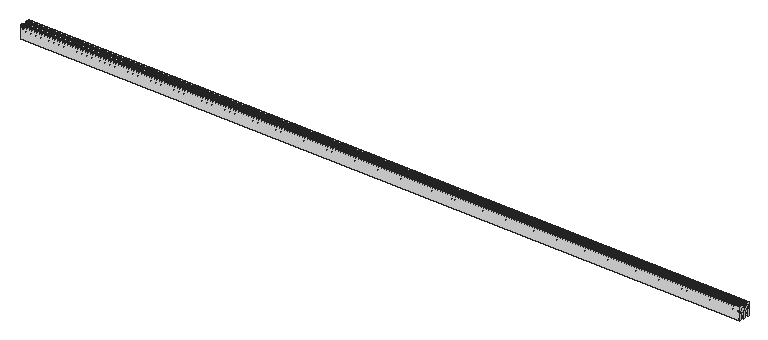
Revit family "BUS09S", category Electrical Fixtures, host Ceiling, Revit 2018
Family settings
  Host = Ceiling
  Maintain Annotation Orientation = No
  Round Connector Dimension = Use Diameter
  Part Type = Normal
  Always vertical = Yes
  Cut with Voids When Loaded = No
  Shared = No
  Room Calculation Point = No
Parameters (values of type "BUS-09S1AXX1-12FEET-NT BRUSHED ALUMINIUM")
  Support Height = 1' - 0"
  MATERIAL = NT ALUMINIUM
  Hangers = no
  Hanger Distance = Busrun Length - 2' 0"  # 10' - 0"
  Busrun Length = 12' - 0"
  6D = no
  6A = no
  4K = no
  4B = no
  3D = no
  2D = no
  2A = no
  1A = yes
Reference planes (in)
  plane 1 "Center (Front/Back)": y = 0
  plane 2: z = 0
  plane 3 "Center (Left/Right)": x = 0
  plane 4 "Ceiling": z = 157.48031
  plane 5: x = -72
  plane 6: x = 72
  plane 7: x = -60
  plane 8: x = 60
  plane 9: z = 157.04281
  plane 10: z = 159.98976
  plane 11: z = 171.98976
Dimensions and locks (in)
  equal spacing: host sketch curve, plane 3 "Center (Left/Right)", host sketch curve
  equal spacing: host sketch curve, plane 1 "Center (Front/Back)", host sketch curve
  host sketch curve to host sketch curve = 13' - 1.48031"  (x2)
  plane 4 "Ceiling" to host ceiling = 0' - 0"
  equal spacing: plane 5, plane 3 "Center (Left/Right)", plane 6
  plane 5 to plane 6 = 12' - 0"
  "Busrun Length": plane 5 to plane 6
  equal spacing: plane 7, plane 3 "Center (Left/Right)", plane 8
  "Hanger Distance": plane 7 to plane 8
  plane 9 to plane 4 "Ceiling" = 0' - 0 7/16"
  "Support Height": plane 10 to plane 11
  aligned and locked: nested 1 to plane 1 "Center (Front/Back)"
  aligned and locked: plane 3 "Center (Left/Right)" to nested 1
  aligned and locked: nested 1 to plane 6
  aligned and locked: nested 1 to plane 5
  aligned and locked: nested 1 to plane 9
  aligned and locked: plane 10 to nested 2
  aligned and locked: plane 11 to nested 2
  aligned and locked: nested 4 to plane 11
  aligned and locked: plane 10 to nested 4
  aligned and locked: nested 5 to nested 1
Nested families (in)
  nested 1: "BUS09S-BUSRUN" at (0, 0, 154.65081), type "BUS09S"
  nested 2: "Support 02" at (60, 0, 159.98976), visible <- "Hangers", type "Support 02"
    with Support Height 1' - 0"
  nested 3: "Support 01" at (60, 0, 156.86881), visible <- "Hangers", type "Support 01"
  nested 4: "Support 02" at (-60, 0, 159.98976), visible <- "Hangers", type "Support 02"
    with Support Height 1' - 0"
  nested 5: "Support 01" at (-60, 0, 156.86881), visible <- "Hangers", type "Support 01"
Definition of nested family "BUS09S-BUSRUN"
  Parameters (values of type "BUS09S")
    Busrun Material = none
    Busrun Length = 12' - 0"
    6D = no
    6A = no
    4K = no
    4B = no
    3D = no
    2D = no
    2A = no
    1A = yes
  Reference planes (in)
    plane 1 "Center (Front/Back)": y = 0
    plane 2: z = 0
    plane 3 "Center (Left/Right)": x = 0
    plane 4: x = -72
    plane 5: x = 72
  Forms (in)
    Extrusion 1, solid, material <- "Busrun Material"
      sketch origin (0, 0, -0.12511) x (0, 1, 0) y (0, 0, 1)
        loop
          line (0.43605, 2.20511) -> (-0.43995, 2.20511) -> (-0.43995, 2.45511) -> (-0.33695, 2.45511) -> (-0.33695, 2.51711) -> (-0.53995, 2.51711) -> (-0.53995, 2.20511) -> (-0.93995, 2.20511) -> (-0.93995, 2.45511) -> (-0.83695, 2.45511) -> (-0.83695, 2.51711) -> (-1.03995, 2.51711) -> (-1.03995, 0.12511) -> (-0.89195, 0.12511) -> (-0.89195, 0.45211) -> (-0.93995, 0.44791) -> (-0.93995, 0.52311) -> (-0.89195, 0.62111) -> (-0.89195, 1.47511) -> (-0.93995, 1.47511) -> (-0.93995, 1.98011) -> (-0.89195, 1.98011) -> (-0.85695, 2.10511) -> (-0.14695, 2.10511) -> (-0.11195, 1.98011) -> (-0.06395, 1.98011) -> (-0.06395, 1.47511) -> (-0.11195, 1.47511) -> (-0.11195, 0.62111) -> (-0.06395, 0.52311) -> (-0.06395, 0.44791) -> (-0.11195, 0.45211) -> (-0.11195, 0.12511) -> (0.10805, 0.12511) -> (0.10805, 0.45211) -> (0.06005, 0.44791) -> (0.06005, 0.52311) -> (0.10805, 0.62111) -> (0.10805, 1.47511) -> (0.06005, 1.47511) -> (0.06005, 1.98011) -> (0.10805, 1.98011) -> (0.14305, 2.10511) -> (0.85305, 2.10511) -> (0.88805, 1.98011) -> (0.93605, 1.98011) -> (0.93605, 1.47511) -> (0.88805, 1.47511) -> (0.88805, 0.62111) -> (0.93605, 0.52311) -> (0.93605, 0.44791) -> (0.88805, 0.45211) -> (0.88805, 0.12511) -> (1.03605, 0.12511) -> (1.03605, 2.51711) -> (0.83305, 2.51711) -> (0.83305, 2.45511) -> (0.93605, 2.45511) -> (0.93605, 2.20511) -> (0.53605, 2.20511) -> (0.53605, 2.51711) -> (0.33305, 2.51711) -> (0.33305, 2.45511) -> (0.43605, 2.45511) -> (0.43605, 2.20511)
      from -72 to 72
    Extrusion 2, solid, material <- "Busrun Material", visible <- "2A"
      sketch origin (0, -0.50195, 2.392) x (0, 1, 0) y (0, 0, 1)
        loop
          line (0.433, -0.873) -> (0.37958, -0.78047) -> (0.37958, -0.521)
          arc (0.37958, -0.521) -> (0.34765, -0.44393) -> (0.27058, -0.412) r 0.109
          line (0.27058, -0.412) -> (0.20258, -0.412)
          arc (0.20258, -0.412) -> (0.15595, -0.42248) -> (0.11829, -0.45189) r 0.109
          arc (0.11829, -0.45189) -> (0.08063, -0.42248) -> (0.034, -0.412) r 0.109
          line (0.034, -0.412) -> (-0.034, -0.412)
          arc (-0.034, -0.412) -> (-0.08063, -0.42248) -> (-0.11829, -0.45189) r 0.109
          arc (-0.11829, -0.45189) -> (-0.15595, -0.42248) -> (-0.20258, -0.412) r 0.109
          line (-0.20258, -0.412) -> (-0.27058, -0.412)
          arc (-0.27058, -0.412) -> (-0.34765, -0.44393) -> (-0.37958, -0.521) r 0.109
          line (-0.37958, -0.521) -> (-0.37958, -0.78047) -> (-0.433, -0.873) -> (-0.433, -1.025) -> (-0.39, -1.025) -> (-0.39, -0.929) -> (-0.32511, -0.929) -> (-0.35061, -1.035) -> (-0.29301, -1.035) -> (-0.25923, -0.89459)
          arc (-0.25923, -0.89459) -> (-0.2625, -0.87967) -> (-0.27624, -0.873) r 0.0175
          line (-0.27624, -0.873) -> (-0.32058, -0.873) -> (-0.32058, -0.521)
          arc (-0.32058, -0.521) -> (-0.30593, -0.48564) -> (-0.27058, -0.471) r 0.05
          line (-0.27058, -0.471) -> (-0.20258, -0.471)
          arc (-0.20258, -0.471) -> (-0.16722, -0.48564) -> (-0.15258, -0.521) r 0.05
          line (-0.15258, -0.521) -> (-0.15258, -0.873) -> (-0.19691, -0.873)
          arc (-0.19691, -0.873) -> (-0.21066, -0.87967) -> (-0.21393, -0.89459) r 0.0175
          line (-0.21393, -0.89459) -> (-0.18105, -1.03125) -> (-0.1495, -1.03125) -> (-0.1355, -0.97303)
          arc (-0.1355, -0.97303) -> (-0.11829, -0.91845) -> (-0.10108, -0.97303) r 0.03
          line (-0.10108, -0.97303) -> (-0.08707, -1.03125) -> (-0.05553, -1.03125) -> (-0.02265, -0.89459)
          arc (-0.02265, -0.89459) -> (-0.02592, -0.87967) -> (-0.03967, -0.873) r 0.0175
          line (-0.03967, -0.873) -> (-0.084, -0.873) -> (-0.084, -0.521)
          arc (-0.084, -0.521) -> (-0.06936, -0.48564) -> (-0.034, -0.471) r 0.05
          line (-0.034, -0.471) -> (0.034, -0.471)
          arc (0.034, -0.471) -> (0.06936, -0.48564) -> (0.084, -0.521) r 0.05
          line (0.084, -0.521) -> (0.084, -0.873) -> (0.03967, -0.873)
          arc (0.03967, -0.873) -> (0.02592, -0.87967) -> (0.02265, -0.89459) r 0.0175
          line (0.02265, -0.89459) -> (0.05553, -1.03125) -> (0.08707, -1.03125) -> (0.10108, -0.97303)
          arc (0.10108, -0.97303) -> (0.11829, -0.91845) -> (0.1355, -0.97303) r 0.03
          line (0.1355, -0.97303) -> (0.1495, -1.03125) -> (0.18105, -1.03125) -> (0.21393, -0.89459)
          arc (0.21393, -0.89459) -> (0.21066, -0.87967) -> (0.19691, -0.873) r 0.0175
          line (0.19691, -0.873) -> (0.15258, -0.873) -> (0.15258, -0.521)
          arc (0.15258, -0.521) -> (0.16722, -0.48564) -> (0.20258, -0.471) r 0.05
          line (0.20258, -0.471) -> (0.27058, -0.471)
          arc (0.27058, -0.471) -> (0.30593, -0.48564) -> (0.32058, -0.521) r 0.05
          line (0.32058, -0.521) -> (0.32058, -0.873) -> (0.27624, -0.873)
          arc (0.27624, -0.873) -> (0.2625, -0.87967) -> (0.25923, -0.89459) r 0.0175
          line (0.25923, -0.89459) -> (0.29301, -1.035) -> (0.35061, -1.035) -> (0.3303, -0.95059)
          arc (0.3303, -0.95059) -> (0.33357, -0.93567) -> (0.34732, -0.929) r 0.0175
          line (0.34732, -0.929) -> (0.39, -0.929) -> (0.39, -1.025) -> (0.433, -1.025) -> (0.433, -0.873)
      from -72 to 72
    Extrusion 3, solid, material <- "Busrun Material", visible <- "1A"
      sketch origin (0, -0.50195, 2.392) x (0, 1, 0) y (0, 0, 1)
        loop
          line (0.433, -0.873) -> (0.37958, -0.78047) -> (0.37958, -0.521)
          arc (0.37958, -0.521) -> (0.34765, -0.44393) -> (0.27058, -0.412) r 0.109
          line (0.27058, -0.412) -> (0.20258, -0.412)
          arc (0.20258, -0.412) -> (0.15595, -0.42248) -> (0.11829, -0.45189) r 0.109
          arc (0.11829, -0.45189) -> (0.08063, -0.42248) -> (0.034, -0.412) r 0.109
          line (0.034, -0.412) -> (-0.034, -0.412)
          arc (-0.034, -0.412) -> (-0.08063, -0.42248) -> (-0.11829, -0.45189) r 0.109
          arc (-0.11829, -0.45189) -> (-0.15595, -0.42248) -> (-0.20258, -0.412) r 0.109
          line (-0.20258, -0.412) -> (-0.27058, -0.412)
          arc (-0.27058, -0.412) -> (-0.34765, -0.44393) -> (-0.37958, -0.521) r 0.109
          line (-0.37958, -0.521) -> (-0.37958, -0.5728) -> (-0.32058, -0.5728) -> (-0.32058, -0.521)
          arc (-0.32058, -0.521) -> (-0.30593, -0.48564) -> (-0.27058, -0.471) r 0.05
          line (-0.27058, -0.471) -> (-0.20258, -0.471)
          arc (-0.20258, -0.471) -> (-0.16722, -0.48564) -> (-0.15258, -0.521) r 0.05
          line (-0.15258, -0.521) -> (-0.15258, -0.873) -> (-0.3337, -0.873)
          arc (-0.3337, -0.873) -> (-0.34928, -0.864) -> (-0.34928, -0.846) r 0.018
          line (-0.34928, -0.846) -> (-0.32058, -0.79628) -> (-0.32058, -0.74043) -> (-0.37958, -0.74043) -> (-0.37958, -0.78047) -> (-0.433, -0.873) -> (-0.433, -1.025) -> (-0.39, -1.025) -> (-0.39, -0.929) -> (-0.32511, -0.929) -> (-0.35061, -1.035) -> (-0.29301, -1.035) -> (-0.26751, -0.929) -> (-0.20565, -0.929) -> (-0.18105, -1.03125) -> (-0.1495, -1.03125) -> (-0.1355, -0.97303)
          arc (-0.1355, -0.97303) -> (-0.11829, -0.91845) -> (-0.10108, -0.97303) r 0.03
          line (-0.10108, -0.97303) -> (-0.08707, -1.03125) -> (-0.05553, -1.03125) -> (-0.02265, -0.89459)
          arc (-0.02265, -0.89459) -> (-0.02592, -0.87967) -> (-0.03967, -0.873) r 0.0175
          line (-0.03967, -0.873) -> (-0.084, -0.873) -> (-0.084, -0.521)
          arc (-0.084, -0.521) -> (-0.06936, -0.48564) -> (-0.034, -0.471) r 0.05
          line (-0.034, -0.471) -> (0.034, -0.471)
          arc (0.034, -0.471) -> (0.06936, -0.48564) -> (0.084, -0.521) r 0.05
          line (0.084, -0.521) -> (0.084, -0.873) -> (0.03967, -0.873)
          arc (0.03967, -0.873) -> (0.02592, -0.87967) -> (0.02265, -0.89459) r 0.0175
          line (0.02265, -0.89459) -> (0.05553, -1.03125) -> (0.08707, -1.03125) -> (0.10108, -0.97303)
          arc (0.10108, -0.97303) -> (0.11829, -0.91845) -> (0.1355, -0.97303) r 0.03
          line (0.1355, -0.97303) -> (0.1495, -1.03125) -> (0.18105, -1.03125) -> (0.21393, -0.89459)
          arc (0.21393, -0.89459) -> (0.21066, -0.87967) -> (0.19691, -0.873) r 0.0175
          line (0.19691, -0.873) -> (0.15258, -0.873) -> (0.15258, -0.521)
          arc (0.15258, -0.521) -> (0.16722, -0.48564) -> (0.20258, -0.471) r 0.05
          line (0.20258, -0.471) -> (0.27058, -0.471)
          arc (0.27058, -0.471) -> (0.30593, -0.48564) -> (0.32058, -0.521) r 0.05
          line (0.32058, -0.521) -> (0.32058, -0.873) -> (0.27624, -0.873)
          arc (0.27624, -0.873) -> (0.2625, -0.87967) -> (0.25923, -0.89459) r 0.0175
          line (0.25923, -0.89459) -> (0.29301, -1.035) -> (0.35061, -1.035) -> (0.3303, -0.95059)
          arc (0.3303, -0.95059) -> (0.33357, -0.93567) -> (0.34732, -0.929) r 0.0175
          line (0.34732, -0.929) -> (0.39, -0.929) -> (0.39, -1.025) -> (0.433, -1.025) -> (0.433, -0.873)
      from -72 to 72
    Extrusion 4, solid, material <- "Busrun Material"
      sketch origin (0, -0.50195, 2.392) x (0, 1, 0) y (0, 0, 1)
        loop
          line (-0.39, -0.929) -> (-0.32511, -0.929) -> (-0.35061, -1.035) -> (-0.29301, -1.035) -> (-0.25923, -0.89459)
          arc (-0.25923, -0.89459) -> (-0.2625, -0.87967) -> (-0.27624, -0.873) r 0.0175
          line (-0.27624, -0.873) -> (-0.3337, -0.873)
          arc (-0.3337, -0.873) -> (-0.34928, -0.864) -> (-0.34928, -0.846) r 0.018
          line (-0.34928, -0.846) -> (-0.32058, -0.79628) -> (-0.32058, -0.74043) -> (-0.37958, -0.74043) -> (-0.37958, -0.78047) -> (-0.433, -0.873) -> (-0.433, -1.025) -> (-0.39, -1.025) -> (-0.39, -0.929)
        loop
          line (-0.15258, -0.873) -> (-0.19691, -0.873)
          arc (-0.19691, -0.873) -> (-0.21066, -0.87967) -> (-0.21393, -0.89459) r 0.0175
          line (-0.21393, -0.89459) -> (-0.18105, -1.03125) -> (-0.1495, -1.03125) -> (-0.1355, -0.97303)
          arc (-0.1355, -0.97303) -> (-0.11829, -0.91845) -> (-0.10108, -0.97303) r 0.03
          line (-0.10108, -0.97303) -> (-0.08707, -1.03125) -> (-0.05553, -1.03125) -> (-0.02265, -0.89459)
          arc (-0.02265, -0.89459) -> (-0.02592, -0.87967) -> (-0.03967, -0.873) r 0.0175
          line (-0.03967, -0.873) -> (-0.084, -0.873) -> (-0.084, -0.521)
          arc (-0.084, -0.521) -> (-0.06936, -0.48564) -> (-0.034, -0.471) r 0.05
          line (-0.034, -0.471) -> (0.034, -0.471)
          arc (0.034, -0.471) -> (0.06936, -0.48564) -> (0.084, -0.521) r 0.05
          line (0.084, -0.521) -> (0.084, -0.873) -> (0.03967, -0.873)
          arc (0.03967, -0.873) -> (0.02592, -0.87967) -> (0.02265, -0.89459) r 0.0175
          line (0.02265, -0.89459) -> (0.05553, -1.03125) -> (0.08707, -1.03125) -> (0.10108, -0.97303)
          arc (0.10108, -0.97303) -> (0.11829, -0.91845) -> (0.1355, -0.97303) r 0.03
          line (0.1355, -0.97303) -> (0.1495, -1.03125) -> (0.18105, -1.03125) -> (0.21393, -0.89459)
          arc (0.21393, -0.89459) -> (0.21066, -0.87967) -> (0.19691, -0.873) r 0.0175
          line (0.19691, -0.873) -> (0.15258, -0.873) -> (0.15258, -0.521)
          arc (0.15258, -0.521) -> (0.16722, -0.48564) -> (0.20258, -0.471) r 0.05
          line (0.20258, -0.471) -> (0.27058, -0.471)
          arc (0.27058, -0.471) -> (0.30593, -0.48564) -> (0.32058, -0.521) r 0.05
          line (0.32058, -0.521) -> (0.32058, -0.873) -> (0.27624, -0.873)
          arc (0.27624, -0.873) -> (0.2625, -0.87967) -> (0.25923, -0.89459) r 0.0175
          line (0.25923, -0.89459) -> (0.29301, -1.035) -> (0.35061, -1.035) -> (0.3303, -0.95059)
          arc (0.3303, -0.95059) -> (0.33357, -0.93567) -> (0.34732, -0.929) r 0.0175
          line (0.34732, -0.929) -> (0.39, -0.929) -> (0.39, -1.025) -> (0.433, -1.025) -> (0.433, -0.873) -> (0.37958, -0.78047) -> (0.37958, -0.521)
          arc (0.37958, -0.521) -> (0.34765, -0.44393) -> (0.27058, -0.412) r 0.109
          line (0.27058, -0.412) -> (0.20258, -0.412)
          arc (0.20258, -0.412) -> (0.15595, -0.42248) -> (0.11829, -0.45189) r 0.109
          arc (0.11829, -0.45189) -> (0.08063, -0.42248) -> (0.034, -0.412) r 0.109
          line (0.034, -0.412) -> (-0.034, -0.412)
          arc (-0.034, -0.412) -> (-0.08063, -0.42248) -> (-0.11829, -0.45189) r 0.109
          arc (-0.11829, -0.45189) -> (-0.15595, -0.42248) -> (-0.20258, -0.412) r 0.109
          line (-0.20258, -0.412) -> (-0.27058, -0.412)
          arc (-0.27058, -0.412) -> (-0.34765, -0.44393) -> (-0.37958, -0.521) r 0.109
          line (-0.37958, -0.521) -> (-0.37958, -0.5728) -> (-0.32058, -0.5728) -> (-0.32058, -0.521)
          arc (-0.32058, -0.521) -> (-0.30593, -0.48564) -> (-0.27058, -0.471) r 0.05
          line (-0.27058, -0.471) -> (-0.20258, -0.471)
          arc (-0.20258, -0.471) -> (-0.16722, -0.48564) -> (-0.15258, -0.521) r 0.05
          line (-0.15258, -0.521) -> (-0.15258, -0.873)
      from -72 to 72
    Extrusion 5, solid, material <- "Busrun Material", visible <- "3D"
      sketch origin (0, -0.50195, 2.392) x (0, 1, 0) y (0, 0, 1)
        loop
          line (0.433, -0.87155) -> (0.35383, -0.78192) -> (0.35383, -0.521)
          arc (0.35383, -0.521) -> (0.3219, -0.44393) -> (0.24483, -0.412) r 0.109
          line (0.24483, -0.412) -> (0.17683, -0.412)
          arc (0.17683, -0.412) -> (0.09975, -0.44393) -> (0.06783, -0.521) r 0.109
          arc (0.06783, -0.521) -> (0.05779, -0.53104) -> (0.04775, -0.521) r 0.01004
          arc (0.04775, -0.521) -> (0.01582, -0.44393) -> (-0.06125, -0.412) r 0.109
          line (-0.06125, -0.412) -> (-0.25325, -0.412)
          arc (-0.25325, -0.412) -> (-0.33727, -0.44233) -> (-0.37958, -0.521) r 0.12497
          line (-0.37958, -0.521) -> (-0.37958, -0.5728) -> (-0.32058, -0.5728) -> (-0.32058, -0.521)
          arc (-0.32058, -0.521) -> (-0.28916, -0.48032) -> (-0.23825, -0.47328) r 0.06795
          line (-0.23825, -0.47328) -> (-0.23825, -0.873) -> (-0.3337, -0.873)
          arc (-0.3337, -0.873) -> (-0.34928, -0.864) -> (-0.34928, -0.846) r 0.018
          line (-0.34928, -0.846) -> (-0.32058, -0.79628) -> (-0.32058, -0.74043) -> (-0.37958, -0.74043) -> (-0.37958, -0.78047) -> (-0.433, -0.873) -> (-0.433, -1.025) -> (-0.39, -1.025) -> (-0.39, -0.929) -> (-0.31823, -0.929) -> (-0.29319, -1.03305) -> (-0.26219, -1.03305) -> (-0.24775, -0.97303)
          arc (-0.24775, -0.97303) -> (-0.23054, -0.91845) -> (-0.21333, -0.97303) r 0.03
          line (-0.21333, -0.97303) -> (-0.19842, -1.035) -> (-0.15168, -1.035) -> (-0.11271, -0.873) -> (-0.17925, -0.873) -> (-0.17925, -0.521)
          arc (-0.17925, -0.521) -> (-0.16461, -0.48564) -> (-0.12925, -0.471) r 0.05
          line (-0.12925, -0.471) -> (-0.06125, -0.471)
          arc (-0.06125, -0.471) -> (-0.02589, -0.48564) -> (-0.01125, -0.521) r 0.05
          line (-0.01125, -0.521) -> (-0.01125, -0.873) -> (-0.07779, -0.873) -> (-0.03882, -1.035) -> (0.02567, -1.035) -> (0.04058, -0.97303)
          arc (0.04058, -0.97303) -> (0.05779, -0.91845) -> (0.075, -0.97303) r 0.03
          line (0.075, -0.97303) -> (0.08991, -1.035) -> (0.15439, -1.035) -> (0.18818, -0.89459)
          arc (0.18818, -0.89459) -> (0.18491, -0.87967) -> (0.17116, -0.873) r 0.0175
          line (0.17116, -0.873) -> (0.12683, -0.873) -> (0.12683, -0.521)
          arc (0.12683, -0.521) -> (0.14147, -0.48564) -> (0.17683, -0.471) r 0.05
          line (0.17683, -0.471) -> (0.24483, -0.471)
          arc (0.24483, -0.471) -> (0.28018, -0.48564) -> (0.29483, -0.521) r 0.05
          line (0.29483, -0.521) -> (0.29483, -0.873) -> (0.25049, -0.873)
          arc (0.25049, -0.873) -> (0.23675, -0.87967) -> (0.23348, -0.89459) r 0.0175
          line (0.23348, -0.89459) -> (0.26726, -1.035) -> (0.32486, -1.035) -> (0.30455, -0.95059)
          arc (0.30455, -0.95059) -> (0.30782, -0.93567) -> (0.32157, -0.929) r 0.0175
          line (0.32157, -0.929) -> (0.36425, -0.929) -> (0.36425, -1.025) -> (0.433, -1.025) -> (0.433, -0.87155)
      from -72 to 72
    Extrusion 6, solid, material <- "Busrun Material", visible <- "6A"
      sketch origin (0, -0.50195, 2.392) x (0, 1, 0) y (0, 0, 1)
        loop
          line (0.433, -0.873) -> (0.37958, -0.78047) -> (0.37958, -0.521)
          arc (0.37958, -0.521) -> (0.34765, -0.44393) -> (0.27058, -0.412) r 0.109
          line (0.27058, -0.412) -> (0.20258, -0.412)
          arc (0.20258, -0.412) -> (0.15595, -0.42248) -> (0.11829, -0.45189) r 0.109
          arc (0.11829, -0.45189) -> (0.08063, -0.42248) -> (0.034, -0.412) r 0.109
          line (0.034, -0.412) -> (-0.034, -0.412)
          arc (-0.034, -0.412) -> (-0.08063, -0.42248) -> (-0.11829, -0.45189) r 0.109
          arc (-0.11829, -0.45189) -> (-0.15595, -0.42248) -> (-0.20258, -0.412) r 0.109
          line (-0.20258, -0.412) -> (-0.27058, -0.412)
          arc (-0.27058, -0.412) -> (-0.34765, -0.44393) -> (-0.37958, -0.521) r 0.109
          line (-0.37958, -0.521) -> (-0.37958, -0.78047) -> (-0.433, -0.873) -> (-0.433, -1.025) -> (-0.39, -1.025) -> (-0.39, -0.929) -> (-0.32511, -0.929) -> (-0.35061, -1.035) -> (-0.29301, -1.035) -> (-0.25923, -0.89459)
          arc (-0.25923, -0.89459) -> (-0.2625, -0.87967) -> (-0.27624, -0.873) r 0.0175
          line (-0.27624, -0.873) -> (-0.32058, -0.873) -> (-0.32058, -0.521)
          arc (-0.32058, -0.521) -> (-0.30593, -0.48564) -> (-0.27058, -0.471) r 0.05
          line (-0.27058, -0.471) -> (-0.20258, -0.471)
          arc (-0.20258, -0.471) -> (-0.16722, -0.48564) -> (-0.15258, -0.521) r 0.05
          line (-0.15258, -0.521) -> (-0.15258, -0.873) -> (-0.19691, -0.873)
          arc (-0.19691, -0.873) -> (-0.21066, -0.87967) -> (-0.21393, -0.89459) r 0.0175
          line (-0.21393, -0.89459) -> (-0.18105, -1.03125) -> (-0.1495, -1.03125) -> (-0.1355, -0.97303)
          arc (-0.1355, -0.97303) -> (-0.11829, -0.91845) -> (-0.10108, -0.97303) r 0.03
          line (-0.10108, -0.97303) -> (-0.08707, -1.03125) -> (-0.05553, -1.03125) -> (-0.02265, -0.89459)
          arc (-0.02265, -0.89459) -> (-0.02592, -0.87967) -> (-0.03967, -0.873) r 0.0175
          line (-0.03967, -0.873) -> (-0.084, -0.873) -> (-0.084, -0.521)
          arc (-0.084, -0.521) -> (-0.06936, -0.48564) -> (-0.034, -0.471) r 0.05
          line (-0.034, -0.471) -> (0.034, -0.471)
          arc (0.034, -0.471) -> (0.06936, -0.48564) -> (0.084, -0.521) r 0.05
          line (0.084, -0.521) -> (0.084, -0.873) -> (0.03967, -0.873)
          arc (0.03967, -0.873) -> (0.02592, -0.87967) -> (0.02265, -0.89459) r 0.0175
          line (0.02265, -0.89459) -> (0.05553, -1.03125) -> (0.08707, -1.03125) -> (0.10108, -0.97303)
          arc (0.10108, -0.97303) -> (0.11829, -0.91845) -> (0.1355, -0.97303) r 0.03
          line (0.1355, -0.97303) -> (0.1495, -1.03125) -> (0.18105, -1.03125) -> (0.21393, -0.89459)
          arc (0.21393, -0.89459) -> (0.21066, -0.87967) -> (0.19691, -0.873) r 0.0175
          line (0.19691, -0.873) -> (0.15258, -0.873) -> (0.15258, -0.521)
          arc (0.15258, -0.521) -> (0.16722, -0.48564) -> (0.20258, -0.471) r 0.05
          line (0.20258, -0.471) -> (0.27058, -0.471)
          arc (0.27058, -0.471) -> (0.30593, -0.48564) -> (0.32058, -0.521) r 0.05
          line (0.32058, -0.521) -> (0.32058, -0.873) -> (0.27624, -0.873)
          arc (0.27624, -0.873) -> (0.2625, -0.87967) -> (0.25923, -0.89459) r 0.0175
          line (0.25923, -0.89459) -> (0.29301, -1.035) -> (0.35061, -1.035) -> (0.3303, -0.95059)
          arc (0.3303, -0.95059) -> (0.33357, -0.93567) -> (0.34732, -0.929) r 0.0175
          line (0.34732, -0.929) -> (0.39, -0.929) -> (0.39, -1.025) -> (0.433, -1.025) -> (0.433, -0.873)
      from -72 to 72
    Extrusion 7, solid, material <- "Busrun Material", visible <- "6D"
      sketch origin (0, -0.50195, 2.392) x (0, 1, 0) y (0, 0, 1)
        loop
          line (0.433, -0.873) -> (0.37958, -0.78047) -> (0.37958, -0.521)
          arc (0.37958, -0.521) -> (0.34765, -0.44393) -> (0.27058, -0.412) r 0.109
          line (0.27058, -0.412) -> (0.20258, -0.412)
          arc (0.20258, -0.412) -> (0.15595, -0.42248) -> (0.11829, -0.45189) r 0.109
          arc (0.11829, -0.45189) -> (0.08063, -0.42248) -> (0.034, -0.412) r 0.109
          line (0.034, -0.412) -> (-0.034, -0.412)
          arc (-0.034, -0.412) -> (-0.08063, -0.42248) -> (-0.11829, -0.45189) r 0.109
          arc (-0.11829, -0.45189) -> (-0.15595, -0.42248) -> (-0.20258, -0.412) r 0.109
          line (-0.20258, -0.412) -> (-0.27058, -0.412)
          arc (-0.27058, -0.412) -> (-0.34765, -0.44393) -> (-0.37958, -0.521) r 0.109
          line (-0.37958, -0.521) -> (-0.37958, -0.78047) -> (-0.433, -0.873) -> (-0.433, -1.025) -> (-0.39, -1.025) -> (-0.39, -0.929) -> (-0.32511, -0.929) -> (-0.35061, -1.035) -> (-0.29301, -1.035) -> (-0.25923, -0.89459)
          arc (-0.25923, -0.89459) -> (-0.2625, -0.87967) -> (-0.27624, -0.873) r 0.0175
          line (-0.27624, -0.873) -> (-0.32058, -0.873) -> (-0.32058, -0.521)
          arc (-0.32058, -0.521) -> (-0.30593, -0.48564) -> (-0.27058, -0.471) r 0.05
          line (-0.27058, -0.471) -> (-0.20258, -0.471)
          arc (-0.20258, -0.471) -> (-0.16722, -0.48564) -> (-0.15258, -0.521) r 0.05
          line (-0.15258, -0.521) -> (-0.15258, -0.873) -> (-0.19691, -0.873)
          arc (-0.19691, -0.873) -> (-0.21066, -0.87967) -> (-0.21393, -0.89459) r 0.0175
          line (-0.21393, -0.89459) -> (-0.18105, -1.03125) -> (-0.1495, -1.03125) -> (-0.1355, -0.97303)
          arc (-0.1355, -0.97303) -> (-0.11829, -0.91845) -> (-0.10108, -0.97303) r 0.03
          line (-0.10108, -0.97303) -> (-0.08707, -1.03125) -> (-0.05553, -1.03125) -> (-0.02265, -0.89459)
          arc (-0.02265, -0.89459) -> (-0.02592, -0.87967) -> (-0.03967, -0.873) r 0.0175
          line (-0.03967, -0.873) -> (-0.084, -0.873) -> (-0.084, -0.521)
          arc (-0.084, -0.521) -> (-0.06936, -0.48564) -> (-0.034, -0.471) r 0.05
          line (-0.034, -0.471) -> (0.034, -0.471)
          arc (0.034, -0.471) -> (0.06936, -0.48564) -> (0.084, -0.521) r 0.05
          line (0.084, -0.521) -> (0.084, -0.873) -> (0.03967, -0.873)
          arc (0.03967, -0.873) -> (0.02592, -0.87967) -> (0.02265, -0.89459) r 0.0175
          line (0.02265, -0.89459) -> (0.05553, -1.03125) -> (0.08707, -1.03125) -> (0.10108, -0.97303)
          arc (0.10108, -0.97303) -> (0.11829, -0.91845) -> (0.1355, -0.97303) r 0.03
          line (0.1355, -0.97303) -> (0.1495, -1.03125) -> (0.18105, -1.03125) -> (0.21393, -0.89459)
          arc (0.21393, -0.89459) -> (0.21066, -0.87967) -> (0.19691, -0.873) r 0.0175
          line (0.19691, -0.873) -> (0.15258, -0.873) -> (0.15258, -0.521)
          arc (0.15258, -0.521) -> (0.16722, -0.48564) -> (0.20258, -0.471) r 0.05
          line (0.20258, -0.471) -> (0.27058, -0.471)
          arc (0.27058, -0.471) -> (0.30593, -0.48564) -> (0.32058, -0.521) r 0.05
          line (0.32058, -0.521) -> (0.32058, -0.873) -> (0.27624, -0.873)
          arc (0.27624, -0.873) -> (0.2625, -0.87967) -> (0.25923, -0.89459) r 0.0175
          line (0.25923, -0.89459) -> (0.29301, -1.035) -> (0.35061, -1.035) -> (0.3303, -0.95059)
          arc (0.3303, -0.95059) -> (0.33357, -0.93567) -> (0.34732, -0.929) r 0.0175
          line (0.34732, -0.929) -> (0.39, -0.929) -> (0.39, -1.025) -> (0.433, -1.025) -> (0.433, -0.873)
      from -72 to 72
    Extrusion 8, solid, material <- "Busrun Material", visible <- "4B"
      sketch origin (0, -0.50195, 2.392) x (0, 1, 0) y (0, 0, 1)
        loop
          line (0.25558, -0.873) -> (0.25558, -0.4733)
          arc (0.25558, -0.4733) -> (0.30016, -0.48069) -> (0.32058, -0.521) r 0.05
          line (0.32058, -0.521) -> (0.32058, -0.5728) -> (0.37958, -0.5728) -> (0.37958, -0.521)
          arc (0.37958, -0.521) -> (0.34765, -0.44393) -> (0.27058, -0.412) r 0.109
          line (0.27058, -0.412) -> (0.08429, -0.412)
          arc (0.08429, -0.412) -> (0.03766, -0.42248) -> (0, -0.45189) r 0.109
          arc (0, -0.45189) -> (-0.03766, -0.42248) -> (-0.08429, -0.412) r 0.109
          line (-0.08429, -0.412) -> (-0.27058, -0.412)
          arc (-0.27058, -0.412) -> (-0.34765, -0.44393) -> (-0.37958, -0.521) r 0.109
          line (-0.37958, -0.521) -> (-0.37958, -0.5728) -> (-0.32058, -0.5728) -> (-0.32058, -0.521)
          arc (-0.32058, -0.521) -> (-0.30016, -0.48069) -> (-0.25558, -0.4733) r 0.05
          line (-0.25558, -0.4733) -> (-0.25558, -0.873) -> (-0.3337, -0.873)
          arc (-0.3337, -0.873) -> (-0.34928, -0.864) -> (-0.34928, -0.846) r 0.018
          line (-0.34928, -0.846) -> (-0.32058, -0.79628) -> (-0.32058, -0.74043) -> (-0.37958, -0.74043) -> (-0.37958, -0.78047) -> (-0.433, -0.873) -> (-0.433, -1.025) -> (-0.39, -1.025) -> (-0.39, -0.929) -> (-0.31823, -0.929) -> (-0.29366, -1.03109) -> (-0.26205, -1.03109) -> (-0.24808, -0.97303)
          arc (-0.24808, -0.97303) -> (-0.23087, -0.91845) -> (-0.21366, -0.97303) r 0.03
          line (-0.21366, -0.97303) -> (-0.19969, -1.03109) -> (-0.16807, -1.03109) -> (-0.13523, -0.89459)
          arc (-0.13523, -0.89459) -> (-0.1385, -0.87967) -> (-0.15224, -0.873) r 0.0175
          line (-0.15224, -0.873) -> (-0.19658, -0.873) -> (-0.19658, -0.521)
          arc (-0.19658, -0.521) -> (-0.18193, -0.48564) -> (-0.14658, -0.471) r 0.05
          line (-0.14658, -0.471) -> (-0.07858, -0.471)
          arc (-0.07858, -0.471) -> (-0.04322, -0.48564) -> (-0.02858, -0.521) r 0.05
          line (-0.02858, -0.521) -> (-0.02858, -0.873) -> (-0.07291, -0.873)
          arc (-0.07291, -0.873) -> (-0.08666, -0.87967) -> (-0.08993, -0.89459) r 0.0175
          line (-0.08993, -0.89459) -> (-0.05968, -1.02029) -> (-0.02858, -1.02029) -> (-0.02063, -0.98724)
          arc (-0.02063, -0.98724) -> (0, -0.97099) -> (0.02063, -0.98724) r 0.02122
          line (0.02063, -0.98724) -> (0.02858, -1.02029) -> (0.05968, -1.02029) -> (0.08993, -0.89459)
          arc (0.08993, -0.89459) -> (0.08666, -0.87967) -> (0.07291, -0.873) r 0.0175
          line (0.07291, -0.873) -> (0.02858, -0.873) -> (0.02858, -0.521)
          arc (0.02858, -0.521) -> (0.04322, -0.48564) -> (0.07858, -0.471) r 0.05
          line (0.07858, -0.471) -> (0.14658, -0.471)
          arc (0.14658, -0.471) -> (0.18193, -0.48564) -> (0.19658, -0.521) r 0.05
          line (0.19658, -0.521) -> (0.19658, -0.873) -> (0.15224, -0.873)
          arc (0.15224, -0.873) -> (0.1385, -0.87967) -> (0.13523, -0.89459) r 0.0175
          line (0.13523, -0.89459) -> (0.16807, -1.03109) -> (0.19969, -1.03109) -> (0.21366, -0.97303)
          arc (0.21366, -0.97303) -> (0.23087, -0.91845) -> (0.24808, -0.97303) r 0.03
          line (0.24808, -0.97303) -> (0.26205, -1.03109) -> (0.29366, -1.03109) -> (0.31823, -0.929) -> (0.39, -0.929) -> (0.39, -1.025) -> (0.433, -1.025) -> (0.433, -0.873) -> (0.37958, -0.78047) -> (0.37958, -0.74043) -> (0.32058, -0.74043) -> (0.32058, -0.79628) -> (0.34928, -0.846)
          arc (0.34928, -0.846) -> (0.34928, -0.864) -> (0.3337, -0.873) r 0.018
          line (0.3337, -0.873) -> (0.25558, -0.873)
      from -72 to 72
    Extrusion 9, solid, material <- "Busrun Material", visible <- "4K"
      sketch origin (0, -0.50195, 2.392) x (0, 1, 0) y (0, 0, 1)
        loop
          line (0.25558, -0.873) -> (0.25558, -0.4733)
          arc (0.25558, -0.4733) -> (0.30016, -0.48069) -> (0.32058, -0.521) r 0.05
          line (0.32058, -0.521) -> (0.32058, -0.5728) -> (0.37958, -0.5728) -> (0.37958, -0.521)
          arc (0.37958, -0.521) -> (0.34765, -0.44393) -> (0.27058, -0.412) r 0.109
          line (0.27058, -0.412) -> (0.08429, -0.412)
          arc (0.08429, -0.412) -> (0.03766, -0.42248) -> (0, -0.45189) r 0.109
          arc (0, -0.45189) -> (-0.03766, -0.42248) -> (-0.08429, -0.412) r 0.109
          line (-0.08429, -0.412) -> (-0.27058, -0.412)
          arc (-0.27058, -0.412) -> (-0.34765, -0.44393) -> (-0.37958, -0.521) r 0.109
          line (-0.37958, -0.521) -> (-0.37958, -0.5728) -> (-0.32058, -0.5728) -> (-0.32058, -0.521)
          arc (-0.32058, -0.521) -> (-0.30016, -0.48069) -> (-0.25558, -0.4733) r 0.05
          line (-0.25558, -0.4733) -> (-0.25558, -0.873) -> (-0.3337, -0.873)
          arc (-0.3337, -0.873) -> (-0.34928, -0.864) -> (-0.34928, -0.846) r 0.018
          line (-0.34928, -0.846) -> (-0.32058, -0.79628) -> (-0.32058, -0.74043) -> (-0.37958, -0.74043) -> (-0.37958, -0.78047) -> (-0.433, -0.873) -> (-0.433, -1.025) -> (-0.39, -1.025) -> (-0.39, -0.929) -> (-0.31823, -0.929) -> (-0.29366, -1.03109) -> (-0.26205, -1.03109) -> (-0.24808, -0.97303)
          arc (-0.24808, -0.97303) -> (-0.23087, -0.91845) -> (-0.21366, -0.97303) r 0.03
          line (-0.21366, -0.97303) -> (-0.19969, -1.03109) -> (-0.16807, -1.03109) -> (-0.13523, -0.89459)
          arc (-0.13523, -0.89459) -> (-0.1385, -0.87967) -> (-0.15224, -0.873) r 0.0175
          line (-0.15224, -0.873) -> (-0.19658, -0.873) -> (-0.19658, -0.521)
          arc (-0.19658, -0.521) -> (-0.18193, -0.48564) -> (-0.14658, -0.471) r 0.05
          line (-0.14658, -0.471) -> (-0.07858, -0.471)
          arc (-0.07858, -0.471) -> (-0.04322, -0.48564) -> (-0.02858, -0.521) r 0.05
          line (-0.02858, -0.521) -> (-0.02858, -0.873) -> (-0.07291, -0.873)
          arc (-0.07291, -0.873) -> (-0.08666, -0.87967) -> (-0.08993, -0.89459) r 0.0175
          line (-0.08993, -0.89459) -> (-0.05968, -1.02029) -> (-0.02858, -1.02029) -> (-0.02063, -0.98724)
          arc (-0.02063, -0.98724) -> (0, -0.97099) -> (0.02063, -0.98724) r 0.02122
          line (0.02063, -0.98724) -> (0.02858, -1.02029) -> (0.05968, -1.02029) -> (0.08993, -0.89459)
          arc (0.08993, -0.89459) -> (0.08666, -0.87967) -> (0.07291, -0.873) r 0.0175
          line (0.07291, -0.873) -> (0.02858, -0.873) -> (0.02858, -0.521)
          arc (0.02858, -0.521) -> (0.04322, -0.48564) -> (0.07858, -0.471) r 0.05
          line (0.07858, -0.471) -> (0.14658, -0.471)
          arc (0.14658, -0.471) -> (0.18193, -0.48564) -> (0.19658, -0.521) r 0.05
          line (0.19658, -0.521) -> (0.19658, -0.873) -> (0.15224, -0.873)
          arc (0.15224, -0.873) -> (0.1385, -0.87967) -> (0.13523, -0.89459) r 0.0175
          line (0.13523, -0.89459) -> (0.16807, -1.03109) -> (0.19969, -1.03109) -> (0.21366, -0.97303)
          arc (0.21366, -0.97303) -> (0.23087, -0.91845) -> (0.24808, -0.97303) r 0.03
          line (0.24808, -0.97303) -> (0.26205, -1.03109) -> (0.29366, -1.03109) -> (0.31823, -0.929) -> (0.39, -0.929) -> (0.39, -1.025) -> (0.433, -1.025) -> (0.433, -0.873) -> (0.37958, -0.78047) -> (0.37958, -0.74043) -> (0.32058, -0.74043) -> (0.32058, -0.79628) -> (0.34928, -0.846)
          arc (0.34928, -0.846) -> (0.34928, -0.864) -> (0.3337, -0.873) r 0.018
          line (0.3337, -0.873) -> (0.25558, -0.873)
      from -72 to 72
    Extrusion 10, solid, material <- "Busrun Material", visible <- "2A"
      sketch origin (0, 0.50195, 2.392) x (0, -1, 0) y (0, 0, -1)
        loop
          line (0.433, 0.873) -> (0.433, 1.025) -> (0.39, 1.025) -> (0.39, 0.929) -> (0.34732, 0.929)
          arc (0.34732, 0.929) -> (0.33357, 0.93567) -> (0.3303, 0.95059) r 0.0175
          line (0.3303, 0.95059) -> (0.35061, 1.035) -> (0.29301, 1.035) -> (0.25923, 0.89459)
          arc (0.25923, 0.89459) -> (0.2625, 0.87967) -> (0.27624, 0.873) r 0.0175
          line (0.27624, 0.873) -> (0.32058, 0.873) -> (0.32058, 0.521)
          arc (0.32058, 0.521) -> (0.30593, 0.48564) -> (0.27058, 0.471) r 0.05
          line (0.27058, 0.471) -> (0.20258, 0.471)
          arc (0.20258, 0.471) -> (0.16722, 0.48564) -> (0.15258, 0.521) r 0.05
          line (0.15258, 0.521) -> (0.15258, 0.873) -> (0.19691, 0.873)
          arc (0.19691, 0.873) -> (0.21066, 0.87967) -> (0.21393, 0.89459) r 0.0175
          line (0.21393, 0.89459) -> (0.18105, 1.03125) -> (0.1495, 1.03125) -> (0.1355, 0.97303)
          arc (0.1355, 0.97303) -> (0.11829, 0.91845) -> (0.10108, 0.97303) r 0.03
          line (0.10108, 0.97303) -> (0.08707, 1.03125) -> (0.05553, 1.03125) -> (0.02265, 0.89459)
          arc (0.02265, 0.89459) -> (0.02592, 0.87967) -> (0.03967, 0.873) r 0.0175
          line (0.03967, 0.873) -> (0.084, 0.873) -> (0.084, 0.521)
          arc (0.084, 0.521) -> (0.06936, 0.48564) -> (0.034, 0.471) r 0.05
          line (0.034, 0.471) -> (-0.034, 0.471)
          arc (-0.034, 0.471) -> (-0.06936, 0.48564) -> (-0.084, 0.521) r 0.05
          line (-0.084, 0.521) -> (-0.084, 0.873) -> (-0.03967, 0.873)
          arc (-0.03967, 0.873) -> (-0.02592, 0.87967) -> (-0.02265, 0.89459) r 0.0175
          line (-0.02265, 0.89459) -> (-0.05553, 1.03125) -> (-0.08707, 1.03125) -> (-0.10108, 0.97303)
          arc (-0.10108, 0.97303) -> (-0.11829, 0.91845) -> (-0.1355, 0.97303) r 0.03
          line (-0.1355, 0.97303) -> (-0.1495, 1.03125) -> (-0.18105, 1.03125) -> (-0.21393, 0.89459)
          arc (-0.21393, 0.89459) -> (-0.21066, 0.87967) -> (-0.19691, 0.873) r 0.0175
          line (-0.19691, 0.873) -> (-0.15258, 0.873) -> (-0.15258, 0.521)
          arc (-0.15258, 0.521) -> (-0.16722, 0.48564) -> (-0.20258, 0.471) r 0.05
          line (-0.20258, 0.471) -> (-0.27058, 0.471)
          arc (-0.27058, 0.471) -> (-0.30593, 0.48564) -> (-0.32058, 0.521) r 0.05
          line (-0.32058, 0.521) -> (-0.32058, 0.873) -> (-0.27624, 0.873)
          arc (-0.27624, 0.873) -> (-0.2625, 0.87967) -> (-0.25923, 0.89459) r 0.0175
          line (-0.25923, 0.89459) -> (-0.29301, 1.035) -> (-0.35061, 1.035) -> (-0.32511, 0.929) -> (-0.39, 0.929) -> (-0.39, 1.025) -> (-0.433, 1.025) -> (-0.433, 0.873) -> (-0.37958, 0.78047) -> (-0.37958, 0.521)
          arc (-0.37958, 0.521) -> (-0.34765, 0.44393) -> (-0.27058, 0.412) r 0.109
          line (-0.27058, 0.412) -> (-0.20258, 0.412)
          arc (-0.20258, 0.412) -> (-0.15595, 0.42248) -> (-0.11829, 0.45189) r 0.109
          arc (-0.11829, 0.45189) -> (-0.08063, 0.42248) -> (-0.034, 0.412) r 0.109
          line (-0.034, 0.412) -> (0.034, 0.412)
          arc (0.034, 0.412) -> (0.08063, 0.42248) -> (0.11829, 0.45189) r 0.109
          arc (0.11829, 0.45189) -> (0.15595, 0.42248) -> (0.20258, 0.412) r 0.109
          line (0.20258, 0.412) -> (0.27058, 0.412)
          arc (0.27058, 0.412) -> (0.34765, 0.44393) -> (0.37958, 0.521) r 0.109
          line (0.37958, 0.521) -> (0.37958, 0.78047) -> (0.433, 0.873)
      from -72 to 72
    Extrusion 11, solid, material <- "Busrun Material", visible <- "1A"
      sketch origin (0, 0.50195, 2.392) x (0, -1, 0) y (0, 0, -1)
        loop
          line (0.433, 0.873) -> (0.433, 1.025) -> (0.39, 1.025) -> (0.39, 0.929) -> (0.34732, 0.929)
          arc (0.34732, 0.929) -> (0.33357, 0.93567) -> (0.3303, 0.95059) r 0.0175
          line (0.3303, 0.95059) -> (0.35061, 1.035) -> (0.29301, 1.035) -> (0.25923, 0.89459)
          arc (0.25923, 0.89459) -> (0.2625, 0.87967) -> (0.27624, 0.873) r 0.0175
          line (0.27624, 0.873) -> (0.32058, 0.873) -> (0.32058, 0.521)
          arc (0.32058, 0.521) -> (0.30593, 0.48564) -> (0.27058, 0.471) r 0.05
          line (0.27058, 0.471) -> (0.20258, 0.471)
          arc (0.20258, 0.471) -> (0.16722, 0.48564) -> (0.15258, 0.521) r 0.05
          line (0.15258, 0.521) -> (0.15258, 0.873) -> (0.19691, 0.873)
          arc (0.19691, 0.873) -> (0.21066, 0.87967) -> (0.21393, 0.89459) r 0.0175
          line (0.21393, 0.89459) -> (0.18105, 1.03125) -> (0.1495, 1.03125) -> (0.1355, 0.97303)
          arc (0.1355, 0.97303) -> (0.11829, 0.91845) -> (0.10108, 0.97303) r 0.03
          line (0.10108, 0.97303) -> (0.08707, 1.03125) -> (0.05553, 1.03125) -> (0.02265, 0.89459)
          arc (0.02265, 0.89459) -> (0.02592, 0.87967) -> (0.03967, 0.873) r 0.0175
          line (0.03967, 0.873) -> (0.084, 0.873) -> (0.084, 0.521)
          arc (0.084, 0.521) -> (0.06936, 0.48564) -> (0.034, 0.471) r 0.05
          line (0.034, 0.471) -> (-0.034, 0.471)
          arc (-0.034, 0.471) -> (-0.06936, 0.48564) -> (-0.084, 0.521) r 0.05
          line (-0.084, 0.521) -> (-0.084, 0.873) -> (-0.03967, 0.873)
          arc (-0.03967, 0.873) -> (-0.02592, 0.87967) -> (-0.02265, 0.89459) r 0.0175
          line (-0.02265, 0.89459) -> (-0.05553, 1.03125) -> (-0.08707, 1.03125) -> (-0.10108, 0.97303)
          arc (-0.10108, 0.97303) -> (-0.11829, 0.91845) -> (-0.1355, 0.97303) r 0.03
          line (-0.1355, 0.97303) -> (-0.1495, 1.03125) -> (-0.18105, 1.03125) -> (-0.20565, 0.929) -> (-0.26751, 0.929) -> (-0.29301, 1.035) -> (-0.35061, 1.035) -> (-0.32511, 0.929) -> (-0.39, 0.929) -> (-0.39, 1.025) -> (-0.433, 1.025) -> (-0.433, 0.873) -> (-0.37958, 0.78047) -> (-0.37958, 0.74043) -> (-0.32058, 0.74043) -> (-0.32058, 0.79628) -> (-0.34928, 0.846)
          arc (-0.34928, 0.846) -> (-0.34928, 0.864) -> (-0.3337, 0.873) r 0.018
          line (-0.3337, 0.873) -> (-0.15258, 0.873) -> (-0.15258, 0.521)
          arc (-0.15258, 0.521) -> (-0.16722, 0.48564) -> (-0.20258, 0.471) r 0.05
          line (-0.20258, 0.471) -> (-0.27058, 0.471)
          arc (-0.27058, 0.471) -> (-0.30593, 0.48564) -> (-0.32058, 0.521) r 0.05
          line (-0.32058, 0.521) -> (-0.32058, 0.5728) -> (-0.37958, 0.5728) -> (-0.37958, 0.521)
          arc (-0.37958, 0.521) -> (-0.34765, 0.44393) -> (-0.27058, 0.412) r 0.109
          line (-0.27058, 0.412) -> (-0.20258, 0.412)
          arc (-0.20258, 0.412) -> (-0.15595, 0.42248) -> (-0.11829, 0.45189) r 0.109
          arc (-0.11829, 0.45189) -> (-0.08063, 0.42248) -> (-0.034, 0.412) r 0.109
          line (-0.034, 0.412) -> (0.034, 0.412)
          arc (0.034, 0.412) -> (0.08063, 0.42248) -> (0.11829, 0.45189) r 0.109
          arc (0.11829, 0.45189) -> (0.15595, 0.42248) -> (0.20258, 0.412) r 0.109
          line (0.20258, 0.412) -> (0.27058, 0.412)
          arc (0.27058, 0.412) -> (0.34765, 0.44393) -> (0.37958, 0.521) r 0.109
          line (0.37958, 0.521) -> (0.37958, 0.78047) -> (0.433, 0.873)
      from -72 to 72
    Extrusion 12, solid, material <- "Busrun Material"
      sketch origin (0, 0.50195, 2.392) x (0, -1, 0) y (0, 0, -1)
        loop
          line (-0.39, 0.929) -> (-0.39, 1.025) -> (-0.433, 1.025) -> (-0.433, 0.873) -> (-0.37958, 0.78047) -> (-0.37958, 0.74043) -> (-0.32058, 0.74043) -> (-0.32058, 0.79628) -> (-0.34928, 0.846)
          arc (-0.34928, 0.846) -> (-0.34928, 0.864) -> (-0.3337, 0.873) r 0.018
          line (-0.3337, 0.873) -> (-0.27624, 0.873)
          arc (-0.27624, 0.873) -> (-0.2625, 0.87967) -> (-0.25923, 0.89459) r 0.0175
          line (-0.25923, 0.89459) -> (-0.29301, 1.035) -> (-0.35061, 1.035) -> (-0.32511, 0.929) -> (-0.39, 0.929)
        loop
          line (-0.15258, 0.873) -> (-0.15258, 0.521)
          arc (-0.15258, 0.521) -> (-0.16722, 0.48564) -> (-0.20258, 0.471) r 0.05
          line (-0.20258, 0.471) -> (-0.27058, 0.471)
          arc (-0.27058, 0.471) -> (-0.30593, 0.48564) -> (-0.32058, 0.521) r 0.05
          line (-0.32058, 0.521) -> (-0.32058, 0.5728) -> (-0.37958, 0.5728) -> (-0.37958, 0.521)
          arc (-0.37958, 0.521) -> (-0.34765, 0.44393) -> (-0.27058, 0.412) r 0.109
          line (-0.27058, 0.412) -> (-0.20258, 0.412)
          arc (-0.20258, 0.412) -> (-0.15595, 0.42248) -> (-0.11829, 0.45189) r 0.109
          arc (-0.11829, 0.45189) -> (-0.08063, 0.42248) -> (-0.034, 0.412) r 0.109
          line (-0.034, 0.412) -> (0.034, 0.412)
          arc (0.034, 0.412) -> (0.08063, 0.42248) -> (0.11829, 0.45189) r 0.109
          arc (0.11829, 0.45189) -> (0.15595, 0.42248) -> (0.20258, 0.412) r 0.109
          line (0.20258, 0.412) -> (0.27058, 0.412)
          arc (0.27058, 0.412) -> (0.34765, 0.44393) -> (0.37958, 0.521) r 0.109
          line (0.37958, 0.521) -> (0.37958, 0.78047) -> (0.433, 0.873) -> (0.433, 1.025) -> (0.39, 1.025) -> (0.39, 0.929) -> (0.34732, 0.929)
          arc (0.34732, 0.929) -> (0.33357, 0.93567) -> (0.3303, 0.95059) r 0.0175
          line (0.3303, 0.95059) -> (0.35061, 1.035) -> (0.29301, 1.035) -> (0.25923, 0.89459)
          arc (0.25923, 0.89459) -> (0.2625, 0.87967) -> (0.27624, 0.873) r 0.0175
          line (0.27624, 0.873) -> (0.32058, 0.873) -> (0.32058, 0.521)
          arc (0.32058, 0.521) -> (0.30593, 0.48564) -> (0.27058, 0.471) r 0.05
          line (0.27058, 0.471) -> (0.20258, 0.471)
          arc (0.20258, 0.471) -> (0.16722, 0.48564) -> (0.15258, 0.521) r 0.05
          line (0.15258, 0.521) -> (0.15258, 0.873) -> (0.19691, 0.873)
          arc (0.19691, 0.873) -> (0.21066, 0.87967) -> (0.21393, 0.89459) r 0.0175
          line (0.21393, 0.89459) -> (0.18105, 1.03125) -> (0.1495, 1.03125) -> (0.1355, 0.97303)
          arc (0.1355, 0.97303) -> (0.11829, 0.91845) -> (0.10108, 0.97303) r 0.03
          line (0.10108, 0.97303) -> (0.08707, 1.03125) -> (0.05553, 1.03125) -> (0.02265, 0.89459)
          arc (0.02265, 0.89459) -> (0.02592, 0.87967) -> (0.03967, 0.873) r 0.0175
          line (0.03967, 0.873) -> (0.084, 0.873) -> (0.084, 0.521)
          arc (0.084, 0.521) -> (0.06936, 0.48564) -> (0.034, 0.471) r 0.05
          line (0.034, 0.471) -> (-0.034, 0.471)
          arc (-0.034, 0.471) -> (-0.06936, 0.48564) -> (-0.084, 0.521) r 0.05
          line (-0.084, 0.521) -> (-0.084, 0.873) -> (-0.03967, 0.873)
          arc (-0.03967, 0.873) -> (-0.02592, 0.87967) -> (-0.02265, 0.89459) r 0.0175
          line (-0.02265, 0.89459) -> (-0.05553, 1.03125) -> (-0.08707, 1.03125) -> (-0.10108, 0.97303)
          arc (-0.10108, 0.97303) -> (-0.11829, 0.91845) -> (-0.1355, 0.97303) r 0.03
          line (-0.1355, 0.97303) -> (-0.1495, 1.03125) -> (-0.18105, 1.03125) -> (-0.21393, 0.89459)
          arc (-0.21393, 0.89459) -> (-0.21066, 0.87967) -> (-0.19691, 0.873) r 0.0175
          line (-0.19691, 0.873) -> (-0.15258, 0.873)
      from -72 to 72
    Extrusion 13, solid, material <- "Busrun Material", visible <- "3D"
      sketch origin (0, 0.50195, 2.392) x (0, -1, 0) y (0, 0, -1)
        loop
          line (0.433, 0.87155) -> (0.433, 1.025) -> (0.36425, 1.025) -> (0.36425, 0.929) -> (0.32157, 0.929)
          arc (0.32157, 0.929) -> (0.30782, 0.93567) -> (0.30455, 0.95059) r 0.0175
          line (0.30455, 0.95059) -> (0.32486, 1.035) -> (0.26726, 1.035) -> (0.23348, 0.89459)
          arc (0.23348, 0.89459) -> (0.23675, 0.87967) -> (0.25049, 0.873) r 0.0175
          line (0.25049, 0.873) -> (0.29483, 0.873) -> (0.29483, 0.521)
          arc (0.29483, 0.521) -> (0.28018, 0.48564) -> (0.24483, 0.471) r 0.05
          line (0.24483, 0.471) -> (0.17683, 0.471)
          arc (0.17683, 0.471) -> (0.14147, 0.48564) -> (0.12683, 0.521) r 0.05
          line (0.12683, 0.521) -> (0.12683, 0.873) -> (0.17116, 0.873)
          arc (0.17116, 0.873) -> (0.18491, 0.87967) -> (0.18818, 0.89459) r 0.0175
          line (0.18818, 0.89459) -> (0.15439, 1.035) -> (0.08991, 1.035) -> (0.075, 0.97303)
          arc (0.075, 0.97303) -> (0.05779, 0.91845) -> (0.04058, 0.97303) r 0.03
          line (0.04058, 0.97303) -> (0.02567, 1.035) -> (-0.03882, 1.035) -> (-0.07779, 0.873) -> (-0.01125, 0.873) -> (-0.01125, 0.521)
          arc (-0.01125, 0.521) -> (-0.02589, 0.48564) -> (-0.06125, 0.471) r 0.05
          line (-0.06125, 0.471) -> (-0.12925, 0.471)
          arc (-0.12925, 0.471) -> (-0.16461, 0.48564) -> (-0.17925, 0.521) r 0.05
          line (-0.17925, 0.521) -> (-0.17925, 0.873) -> (-0.11271, 0.873) -> (-0.15168, 1.035) -> (-0.19842, 1.035) -> (-0.21333, 0.97303)
          arc (-0.21333, 0.97303) -> (-0.23054, 0.91845) -> (-0.24775, 0.97303) r 0.03
          line (-0.24775, 0.97303) -> (-0.26219, 1.03305) -> (-0.29319, 1.03305) -> (-0.31823, 0.929) -> (-0.39, 0.929) -> (-0.39, 1.025) -> (-0.433, 1.025) -> (-0.433, 0.873) -> (-0.37958, 0.78047) -> (-0.37958, 0.74043) -> (-0.32058, 0.74043) -> (-0.32058, 0.79628) -> (-0.34928, 0.846)
          arc (-0.34928, 0.846) -> (-0.34928, 0.864) -> (-0.3337, 0.873) r 0.018
          line (-0.3337, 0.873) -> (-0.23825, 0.873) -> (-0.23825, 0.47328)
          arc (-0.23825, 0.47328) -> (-0.28916, 0.48032) -> (-0.32058, 0.521) r 0.06795
          line (-0.32058, 0.521) -> (-0.32058, 0.5728) -> (-0.37958, 0.5728) -> (-0.37958, 0.521)
          arc (-0.37958, 0.521) -> (-0.33727, 0.44233) -> (-0.25325, 0.412) r 0.12497
          line (-0.25325, 0.412) -> (-0.06125, 0.412)
          arc (-0.06125, 0.412) -> (0.01582, 0.44393) -> (0.04775, 0.521) r 0.109
          arc (0.04775, 0.521) -> (0.05779, 0.53104) -> (0.06783, 0.521) r 0.01004
          arc (0.06783, 0.521) -> (0.09975, 0.44393) -> (0.17683, 0.412) r 0.109
          line (0.17683, 0.412) -> (0.24483, 0.412)
          arc (0.24483, 0.412) -> (0.3219, 0.44393) -> (0.35383, 0.521) r 0.109
          line (0.35383, 0.521) -> (0.35383, 0.78192) -> (0.433, 0.87155)
      from -72 to 72
    Extrusion 14, solid, material <- "Busrun Material", visible <- "6A"
      sketch origin (0, 0.50195, 2.392) x (0, -1, 0) y (0, 0, -1)
        loop
          line (0.433, 0.873) -> (0.433, 1.025) -> (0.39, 1.025) -> (0.39, 0.929) -> (0.34732, 0.929)
          arc (0.34732, 0.929) -> (0.33357, 0.93567) -> (0.3303, 0.95059) r 0.0175
          line (0.3303, 0.95059) -> (0.35061, 1.035) -> (0.29301, 1.035) -> (0.25923, 0.89459)
          arc (0.25923, 0.89459) -> (0.2625, 0.87967) -> (0.27624, 0.873) r 0.0175
          line (0.27624, 0.873) -> (0.32058, 0.873) -> (0.32058, 0.521)
          arc (0.32058, 0.521) -> (0.30593, 0.48564) -> (0.27058, 0.471) r 0.05
          line (0.27058, 0.471) -> (0.20258, 0.471)
          arc (0.20258, 0.471) -> (0.16722, 0.48564) -> (0.15258, 0.521) r 0.05
          line (0.15258, 0.521) -> (0.15258, 0.873) -> (0.19691, 0.873)
          arc (0.19691, 0.873) -> (0.21066, 0.87967) -> (0.21393, 0.89459) r 0.0175
          line (0.21393, 0.89459) -> (0.18105, 1.03125) -> (0.1495, 1.03125) -> (0.1355, 0.97303)
          arc (0.1355, 0.97303) -> (0.11829, 0.91845) -> (0.10108, 0.97303) r 0.03
          line (0.10108, 0.97303) -> (0.08707, 1.03125) -> (0.05553, 1.03125) -> (0.02265, 0.89459)
          arc (0.02265, 0.89459) -> (0.02592, 0.87967) -> (0.03967, 0.873) r 0.0175
          line (0.03967, 0.873) -> (0.084, 0.873) -> (0.084, 0.521)
          arc (0.084, 0.521) -> (0.06936, 0.48564) -> (0.034, 0.471) r 0.05
          line (0.034, 0.471) -> (-0.034, 0.471)
          arc (-0.034, 0.471) -> (-0.06936, 0.48564) -> (-0.084, 0.521) r 0.05
          line (-0.084, 0.521) -> (-0.084, 0.873) -> (-0.03967, 0.873)
          arc (-0.03967, 0.873) -> (-0.02592, 0.87967) -> (-0.02265, 0.89459) r 0.0175
          line (-0.02265, 0.89459) -> (-0.05553, 1.03125) -> (-0.08707, 1.03125) -> (-0.10108, 0.97303)
          arc (-0.10108, 0.97303) -> (-0.11829, 0.91845) -> (-0.1355, 0.97303) r 0.03
          line (-0.1355, 0.97303) -> (-0.1495, 1.03125) -> (-0.18105, 1.03125) -> (-0.21393, 0.89459)
          arc (-0.21393, 0.89459) -> (-0.21066, 0.87967) -> (-0.19691, 0.873) r 0.0175
          line (-0.19691, 0.873) -> (-0.15258, 0.873) -> (-0.15258, 0.521)
          arc (-0.15258, 0.521) -> (-0.16722, 0.48564) -> (-0.20258, 0.471) r 0.05
          line (-0.20258, 0.471) -> (-0.27058, 0.471)
          arc (-0.27058, 0.471) -> (-0.30593, 0.48564) -> (-0.32058, 0.521) r 0.05
          line (-0.32058, 0.521) -> (-0.32058, 0.873) -> (-0.27624, 0.873)
          arc (-0.27624, 0.873) -> (-0.2625, 0.87967) -> (-0.25923, 0.89459) r 0.0175
          line (-0.25923, 0.89459) -> (-0.29301, 1.035) -> (-0.35061, 1.035) -> (-0.32511, 0.929) -> (-0.39, 0.929) -> (-0.39, 1.025) -> (-0.433, 1.025) -> (-0.433, 0.873) -> (-0.37958, 0.78047) -> (-0.37958, 0.521)
          arc (-0.37958, 0.521) -> (-0.34765, 0.44393) -> (-0.27058, 0.412) r 0.109
          line (-0.27058, 0.412) -> (-0.20258, 0.412)
          arc (-0.20258, 0.412) -> (-0.15595, 0.42248) -> (-0.11829, 0.45189) r 0.109
          arc (-0.11829, 0.45189) -> (-0.08063, 0.42248) -> (-0.034, 0.412) r 0.109
          line (-0.034, 0.412) -> (0.034, 0.412)
          arc (0.034, 0.412) -> (0.08063, 0.42248) -> (0.11829, 0.45189) r 0.109
          arc (0.11829, 0.45189) -> (0.15595, 0.42248) -> (0.20258, 0.412) r 0.109
          line (0.20258, 0.412) -> (0.27058, 0.412)
          arc (0.27058, 0.412) -> (0.34765, 0.44393) -> (0.37958, 0.521) r 0.109
          line (0.37958, 0.521) -> (0.37958, 0.78047) -> (0.433, 0.873)
      from -72 to 72
    Extrusion 15, solid, material <- "Busrun Material", visible <- "6D"
      sketch origin (0, 0.50195, 2.392) x (0, -1, 0) y (0, 0, -1)
        loop
          line (0.433, 0.873) -> (0.433, 1.025) -> (0.39, 1.025) -> (0.39, 0.929) -> (0.34732, 0.929)
          arc (0.34732, 0.929) -> (0.33357, 0.93567) -> (0.3303, 0.95059) r 0.0175
          line (0.3303, 0.95059) -> (0.35061, 1.035) -> (0.29301, 1.035) -> (0.25923, 0.89459)
          arc (0.25923, 0.89459) -> (0.2625, 0.87967) -> (0.27624, 0.873) r 0.0175
          line (0.27624, 0.873) -> (0.32058, 0.873) -> (0.32058, 0.521)
          arc (0.32058, 0.521) -> (0.30593, 0.48564) -> (0.27058, 0.471) r 0.05
          line (0.27058, 0.471) -> (0.20258, 0.471)
          arc (0.20258, 0.471) -> (0.16722, 0.48564) -> (0.15258, 0.521) r 0.05
          line (0.15258, 0.521) -> (0.15258, 0.873) -> (0.19691, 0.873)
          arc (0.19691, 0.873) -> (0.21066, 0.87967) -> (0.21393, 0.89459) r 0.0175
          line (0.21393, 0.89459) -> (0.18105, 1.03125) -> (0.1495, 1.03125) -> (0.1355, 0.97303)
          arc (0.1355, 0.97303) -> (0.11829, 0.91845) -> (0.10108, 0.97303) r 0.03
          line (0.10108, 0.97303) -> (0.08707, 1.03125) -> (0.05553, 1.03125) -> (0.02265, 0.89459)
          arc (0.02265, 0.89459) -> (0.02592, 0.87967) -> (0.03967, 0.873) r 0.0175
          line (0.03967, 0.873) -> (0.084, 0.873) -> (0.084, 0.521)
          arc (0.084, 0.521) -> (0.06936, 0.48564) -> (0.034, 0.471) r 0.05
          line (0.034, 0.471) -> (-0.034, 0.471)
          arc (-0.034, 0.471) -> (-0.06936, 0.48564) -> (-0.084, 0.521) r 0.05
          line (-0.084, 0.521) -> (-0.084, 0.873) -> (-0.03967, 0.873)
          arc (-0.03967, 0.873) -> (-0.02592, 0.87967) -> (-0.02265, 0.89459) r 0.0175
          line (-0.02265, 0.89459) -> (-0.05553, 1.03125) -> (-0.08707, 1.03125) -> (-0.10108, 0.97303)
          arc (-0.10108, 0.97303) -> (-0.11829, 0.91845) -> (-0.1355, 0.97303) r 0.03
          line (-0.1355, 0.97303) -> (-0.1495, 1.03125) -> (-0.18105, 1.03125) -> (-0.21393, 0.89459)
          arc (-0.21393, 0.89459) -> (-0.21066, 0.87967) -> (-0.19691, 0.873) r 0.0175
          line (-0.19691, 0.873) -> (-0.15258, 0.873) -> (-0.15258, 0.521)
          arc (-0.15258, 0.521) -> (-0.16722, 0.48564) -> (-0.20258, 0.471) r 0.05
          line (-0.20258, 0.471) -> (-0.27058, 0.471)
          arc (-0.27058, 0.471) -> (-0.30593, 0.48564) -> (-0.32058, 0.521) r 0.05
          line (-0.32058, 0.521) -> (-0.32058, 0.873) -> (-0.27624, 0.873)
          arc (-0.27624, 0.873) -> (-0.2625, 0.87967) -> (-0.25923, 0.89459) r 0.0175
          line (-0.25923, 0.89459) -> (-0.29301, 1.035) -> (-0.35061, 1.035) -> (-0.32511, 0.929) -> (-0.39, 0.929) -> (-0.39, 1.025) -> (-0.433, 1.025) -> (-0.433, 0.873) -> (-0.37958, 0.78047) -> (-0.37958, 0.521)
          arc (-0.37958, 0.521) -> (-0.34765, 0.44393) -> (-0.27058, 0.412) r 0.109
          line (-0.27058, 0.412) -> (-0.20258, 0.412)
          arc (-0.20258, 0.412) -> (-0.15595, 0.42248) -> (-0.11829, 0.45189) r 0.109
          arc (-0.11829, 0.45189) -> (-0.08063, 0.42248) -> (-0.034, 0.412) r 0.109
          line (-0.034, 0.412) -> (0.034, 0.412)
          arc (0.034, 0.412) -> (0.08063, 0.42248) -> (0.11829, 0.45189) r 0.109
